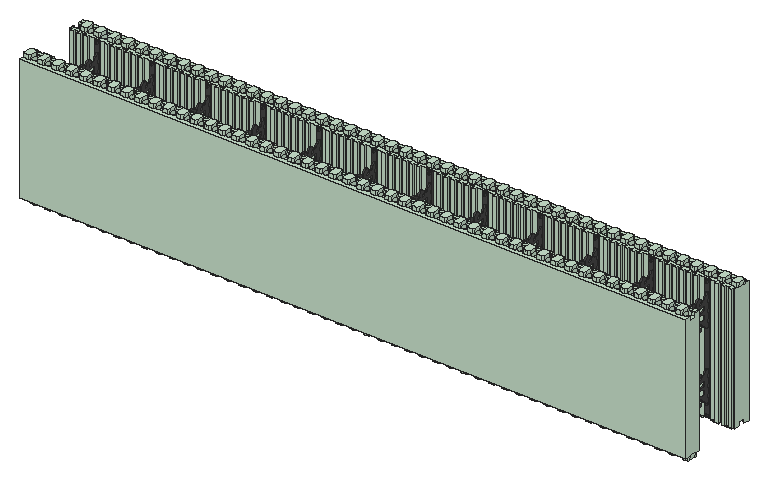
Revit family (continued)
Forms (mm)
  Extrusion 166, void
    sketch origin (1371.6, 0.196, 0) x (1, 0, 0) y (0, 1, 0)
      loop
        arc (48.685, 95.62) -> (48.795, 96.199) -> (49.108, 96.698) r 1.588
        arc (49.108, 96.698) -> (50.362, 98.696) -> (50.8, 101.014) r 6.35
        line (50.8, 101.014) -> (50.8, 124.411)
        arc (50.8, 124.411) -> (49.585, 128.147) -> (46.404, 130.453) r 6.35
        arc (46.404, 130.453) -> (38.1, 131.763) -> (29.796, 130.453) r 26.987
        arc (29.796, 130.453) -> (26.615, 128.147) -> (25.4, 124.411) r 6.35
    from 0 to 12.7
  Extrusion 167, void
    sketch origin (1320.8, 0.196, 0) x (1, 0, 0) y (0, 1, 0)
      loop
        line (25.4, 124.411) -> (25.4, 101.014)
        arc (25.4, 101.014) -> (26.615, 97.278) -> (29.796, 94.972) r 6.35
        arc (29.796, 94.972) -> (36.091, 93.737) -> (42.5, 94.024) r 26.988
        arc (42.5, 94.024) -> (43.786, 93.668) -> (44.346, 92.457) r 1.587
        line (44.346, 92.457) -> (44.346, 86.829) -> (48.685, 86.829) -> (48.685, 95.62)
        arc (48.685, 95.62) -> (48.795, 96.199) -> (49.108, 96.698) r 1.588
        arc (49.108, 96.698) -> (50.362, 98.696) -> (50.8, 101.014) r 6.35
        line (50.8, 101.014) -> (50.8, 124.411)
        arc (50.8, 124.411) -> (49.585, 128.147) -> (46.404, 130.453) r 6.35
        arc (46.404, 130.453) -> (38.1, 131.763) -> (29.796, 130.453) r 26.987
        arc (29.796, 130.453) -> (26.615, 128.147) -> (25.4, 124.411) r 6.35
    from 0 to 12.7
  Extrusion 168, void
    sketch origin (1270, 0.196, 0) x (1, 0, 0) y (0, 1, 0)
      loop
        line (25.4, 124.411) -> (25.4, 101.014)
        arc (25.4, 101.014) -> (26.615, 97.278) -> (29.796, 94.972) r 6.35
        arc (29.796, 94.972) -> (36.091, 93.737) -> (42.5, 94.024) r 26.988
        arc (42.5, 94.024) -> (43.786, 93.668) -> (44.346, 92.457) r 1.587
        line (44.346, 92.457) -> (44.346, 86.829) -> (48.685, 86.829) -> (48.685, 95.62)
        arc (48.685, 95.62) -> (48.795, 96.199) -> (49.108, 96.698) r 1.588
        arc (49.108, 96.698) -> (50.362, 98.696) -> (50.8, 101.014) r 6.35
        line (50.8, 101.014) -> (50.8, 124.411)
        arc (50.8, 124.411) -> (49.585, 128.147) -> (46.404, 130.453) r 6.35
        arc (46.404, 130.453) -> (38.1, 131.763) -> (29.796, 130.453) r 26.987
        arc (29.796, 130.453) -> (26.615, 128.147) -> (25.4, 124.411) r 6.35
    from 0 to 12.7
  Extrusion 169, void
    sketch origin (1219.2, 0.196, 0) x (1, 0, 0) y (0, 1, 0)
      loop
        line (25.4, 124.411) -> (25.4, 101.014)
        arc (25.4, 101.014) -> (26.615, 97.278) -> (29.796, 94.972) r 6.35
        arc (29.796, 94.972) -> (36.091, 93.737) -> (42.5, 94.024) r 26.988
        arc (42.5, 94.024) -> (43.786, 93.668) -> (44.346, 92.457) r 1.587
        line (44.346, 92.457) -> (44.346, 86.829) -> (48.685, 86.829) -> (48.685, 95.62)
        arc (48.685, 95.62) -> (48.795, 96.199) -> (49.108, 96.698) r 1.588
        arc (49.108, 96.698) -> (50.362, 98.696) -> (50.8, 101.014) r 6.35
        line (50.8, 101.014) -> (50.8, 124.411)
        arc (50.8, 124.411) -> (49.585, 128.147) -> (46.404, 130.453) r 6.35
        arc (46.404, 130.453) -> (38.1, 131.763) -> (29.796, 130.453) r 26.987
        arc (29.796, 130.453) -> (26.615, 128.147) -> (25.4, 124.411) r 6.35
    from 0 to 12.7
  Extrusion 170, void
    sketch origin (1168.4, 0.196, 0) x (1, 0, 0) y (0, 1, 0)
      loop
        line (25.4, 124.411) -> (25.4, 101.014)
        arc (25.4, 101.014) -> (26.615, 97.278) -> (29.796, 94.972) r 6.35
        arc (29.796, 94.972) -> (36.091, 93.737) -> (42.5, 94.024) r 26.988
        arc (42.5, 94.024) -> (43.786, 93.668) -> (44.346, 92.457) r 1.587
        line (44.346, 92.457) -> (44.346, 86.829) -> (48.685, 86.829) -> (48.685, 95.62)
        arc (48.685, 95.62) -> (48.795, 96.199) -> (49.108, 96.698) r 1.588
        arc (49.108, 96.698) -> (50.362, 98.696) -> (50.8, 101.014) r 6.35
        line (50.8, 101.014) -> (50.8, 124.411)
        arc (50.8, 124.411) -> (49.585, 128.147) -> (46.404, 130.453) r 6.35
        arc (46.404, 130.453) -> (38.1, 131.763) -> (29.796, 130.453) r 26.987
        arc (29.796, 130.453) -> (26.615, 128.147) -> (25.4, 124.411) r 6.35
    from 0 to 12.7
  Extrusion 171, void
    sketch origin (1117.6, 0.196, 0) x (1, 0, 0) y (0, 1, 0)
      loop
        line (25.4, 124.411) -> (25.4, 101.014)
        arc (25.4, 101.014) -> (26.615, 97.278) -> (29.796, 94.972) r 6.35
        arc (29.796, 94.972) -> (36.091, 93.737) -> (42.5, 94.024) r 26.988
        arc (42.5, 94.024) -> (43.786, 93.668) -> (44.346, 92.457) r 1.587
        line (44.346, 92.457) -> (44.346, 86.829) -> (48.685, 86.829) -> (48.685, 95.62)
        arc (48.685, 95.62) -> (48.795, 96.199) -> (49.108, 96.698) r 1.588
        arc (49.108, 96.698) -> (50.362, 98.696) -> (50.8, 101.014) r 6.35
        line (50.8, 101.014) -> (50.8, 124.411)
        arc (50.8, 124.411) -> (49.585, 128.147) -> (46.404, 130.453) r 6.35
        arc (46.404, 130.453) -> (38.1, 131.763) -> (29.796, 130.453) r 26.987
        arc (29.796, 130.453) -> (26.615, 128.147) -> (25.4, 124.411) r 6.35
    from 0 to 12.7
  Extrusion 172, void
    sketch origin (1066.8, 0.196, 0) x (1, 0, 0) y (0, 1, 0)
      loop
        line (25.4, 124.411) -> (25.4, 101.014)
        arc (25.4, 101.014) -> (26.615, 97.278) -> (29.796, 94.972) r 6.35
        arc (29.796, 94.972) -> (36.091, 93.737) -> (42.5, 94.024) r 26.988
        arc (42.5, 94.024) -> (43.786, 93.668) -> (44.346, 92.457) r 1.587
        line (44.346, 92.457) -> (44.346, 86.829) -> (48.685, 86.829) -> (48.685, 95.62)
        arc (48.685, 95.62) -> (48.795, 96.199) -> (49.108, 96.698) r 1.588
        arc (49.108, 96.698) -> (50.362, 98.696) -> (50.8, 101.014) r 6.35
        line (50.8, 101.014) -> (50.8, 124.411)
        arc (50.8, 124.411) -> (49.585, 128.147) -> (46.404, 130.453) r 6.35
        arc (46.404, 130.453) -> (38.1, 131.763) -> (29.796, 130.453) r 26.987
        arc (29.796, 130.453) -> (26.615, 128.147) -> (25.4, 124.411) r 6.35
    from 0 to 12.7
  Extrusion 173, void
    sketch origin (1016, 0.196, 0) x (1, 0, 0) y (0, 1, 0)
      loop
        line (25.4, 124.411) -> (25.4, 101.014)
        arc (25.4, 101.014) -> (26.615, 97.278) -> (29.796, 94.972) r 6.35
        arc (29.796, 94.972) -> (36.091, 93.737) -> (42.5, 94.024) r 26.988
        arc (42.5, 94.024) -> (43.786, 93.668) -> (44.346, 92.457) r 1.587
        line (44.346, 92.457) -> (44.346, 86.829) -> (48.685, 86.829) -> (48.685, 95.62)
        arc (48.685, 95.62) -> (48.795, 96.199) -> (49.108, 96.698) r 1.588
        arc (49.108, 96.698) -> (50.362, 98.696) -> (50.8, 101.014) r 6.35
        line (50.8, 101.014) -> (50.8, 124.411)
        arc (50.8, 124.411) -> (49.585, 128.147) -> (46.404, 130.453) r 6.35
        arc (46.404, 130.453) -> (38.1, 131.763) -> (29.796, 130.453) r 26.987
        arc (29.796, 130.453) -> (26.615, 128.147) -> (25.4, 124.411) r 6.35
    from 0 to 12.7
  Extrusion 174, void
    sketch origin (965.2, 0.196, 0) x (1, 0, 0) y (0, 1, 0)
      loop
        line (25.4, 124.411) -> (25.4, 101.014)
        arc (25.4, 101.014) -> (26.615, 97.278) -> (29.796, 94.972) r 6.35
        arc (29.796, 94.972) -> (36.091, 93.737) -> (42.5, 94.024) r 26.988
        arc (42.5, 94.024) -> (43.786, 93.668) -> (44.346, 92.457) r 1.587
        line (44.346, 92.457) -> (44.346, 86.829) -> (48.685, 86.829) -> (48.685, 95.62)
        arc (48.685, 95.62) -> (48.795, 96.199) -> (49.108, 96.698) r 1.588
        arc (49.108, 96.698) -> (50.362, 98.696) -> (50.8, 101.014) r 6.35
        line (50.8, 101.014) -> (50.8, 124.411)
        arc (50.8, 124.411) -> (49.585, 128.147) -> (46.404, 130.453) r 6.35
        arc (46.404, 130.453) -> (38.1, 131.763) -> (29.796, 130.453) r 26.987
        arc (29.796, 130.453) -> (26.615, 128.147) -> (25.4, 124.411) r 6.35
    from 0 to 12.7
  Extrusion 175, void
    sketch origin (914.4, 0.196, 0) x (1, 0, 0) y (0, 1, 0)
      loop
        line (25.4, 124.411) -> (25.4, 101.014)
        arc (25.4, 101.014) -> (26.615, 97.278) -> (29.796, 94.972) r 6.35
        arc (29.796, 94.972) -> (36.091, 93.737) -> (42.5, 94.024) r 26.988
        arc (42.5, 94.024) -> (43.786, 93.668) -> (44.346, 92.457) r 1.587
        line (44.346, 92.457) -> (44.346, 86.829) -> (48.685, 86.829) -> (48.685, 95.62)
        arc (48.685, 95.62) -> (48.795, 96.199) -> (49.108, 96.698) r 1.588
        arc (49.108, 96.698) -> (50.362, 98.696) -> (50.8, 101.014) r 6.35
        line (50.8, 101.014) -> (50.8, 124.411)
        arc (50.8, 124.411) -> (49.585, 128.147) -> (46.404, 130.453) r 6.35
        arc (46.404, 130.453) -> (38.1, 131.763) -> (29.796, 130.453) r 26.987
        arc (29.796, 130.453) -> (26.615, 128.147) -> (25.4, 124.411) r 6.35
    from 0 to 12.7
  Extrusion 176, void
    sketch origin (863.6, 0.196, 0) x (1, 0, 0) y (0, 1, 0)
      loop
        line (25.4, 124.411) -> (25.4, 101.014)
        arc (25.4, 101.014) -> (26.615, 97.278) -> (29.796, 94.972) r 6.35
        arc (29.796, 94.972) -> (36.091, 93.737) -> (42.5, 94.024) r 26.988
        arc (42.5, 94.024) -> (43.786, 93.668) -> (44.346, 92.457) r 1.587
        line (44.346, 92.457) -> (44.346, 86.829) -> (48.685, 86.829) -> (48.685, 95.62)
        arc (48.685, 95.62) -> (48.795, 96.199) -> (49.108, 96.698) r 1.588
        arc (49.108, 96.698) -> (50.362, 98.696) -> (50.8, 101.014) r 6.35
        line (50.8, 101.014) -> (50.8, 124.411)
        arc (50.8, 124.411) -> (49.585, 128.147) -> (46.404, 130.453) r 6.35
        arc (46.404, 130.453) -> (38.1, 131.763) -> (29.796, 130.453) r 26.987
        arc (29.796, 130.453) -> (26.615, 128.147) -> (25.4, 124.411) r 6.35
    from 0 to 12.7
  Extrusion 177, void
    sketch origin (812.8, 0.196, 0) x (1, 0, 0) y (0, 1, 0)
      loop
        line (25.4, 124.411) -> (25.4, 101.014)
        arc (25.4, 101.014) -> (26.615, 97.278) -> (29.796, 94.972) r 6.35
        arc (29.796, 94.972) -> (36.091, 93.737) -> (42.5, 94.024) r 26.988
        arc (42.5, 94.024) -> (43.786, 93.668) -> (44.346, 92.457) r 1.587
        line (44.346, 92.457) -> (44.346, 86.829) -> (48.685, 86.829) -> (48.685, 95.62)
        arc (48.685, 95.62) -> (48.795, 96.199) -> (49.108, 96.698) r 1.588
        arc (49.108, 96.698) -> (50.362, 98.696) -> (50.8, 101.014) r 6.35
        line (50.8, 101.014) -> (50.8, 124.411)
        arc (50.8, 124.411) -> (49.585, 128.147) -> (46.404, 130.453) r 6.35
        arc (46.404, 130.453) -> (38.1, 131.763) -> (29.796, 130.453) r 26.987
        arc (29.796, 130.453) -> (26.615, 128.147) -> (25.4, 124.411) r 6.35
    from 0 to 12.7
  Extrusion 178, void
    sketch origin (762, 0.196, 0) x (1, 0, 0) y (0, 1, 0)
      loop
        line (25.4, 124.411) -> (25.4, 101.014)
        arc (25.4, 101.014) -> (26.615, 97.278) -> (29.796, 94.972) r 6.35
        arc (29.796, 94.972) -> (36.091, 93.737) -> (42.5, 94.024) r 26.988
        arc (42.5, 94.024) -> (43.786, 93.668) -> (44.346, 92.457) r 1.587
        line (44.346, 92.457) -> (44.346, 86.829) -> (48.685, 86.829) -> (48.685, 95.62)
        arc (48.685, 95.62) -> (48.795, 96.199) -> (49.108, 96.698) r 1.588
        arc (49.108, 96.698) -> (50.362, 98.696) -> (50.8, 101.014) r 6.35
        line (50.8, 101.014) -> (50.8, 124.411)
        arc (50.8, 124.411) -> (49.585, 128.147) -> (46.404, 130.453) r 6.35
        arc (46.404, 130.453) -> (38.1, 131.763) -> (29.796, 130.453) r 26.987
        arc (29.796, 130.453) -> (26.615, 128.147) -> (25.4, 124.411) r 6.35
    from 0 to 12.7
  Extrusion 179, void
    sketch origin (711.2, 0.196, 0) x (1, 0, 0) y (0, 1, 0)
      loop
        line (25.4, 124.411) -> (25.4, 101.014)
        arc (25.4, 101.014) -> (26.615, 97.278) -> (29.796, 94.972) r 6.35
        arc (29.796, 94.972) -> (36.091, 93.737) -> (42.5, 94.024) r 26.988
        arc (42.5, 94.024) -> (43.786, 93.668) -> (44.346, 92.457) r 1.587
        line (44.346, 92.457) -> (44.346, 86.829) -> (48.685, 86.829) -> (48.685, 95.62)
        arc (48.685, 95.62) -> (48.795, 96.199) -> (49.108, 96.698) r 1.588
        arc (49.108, 96.698) -> (50.362, 98.696) -> (50.8, 101.014) r 6.35
        line (50.8, 101.014) -> (50.8, 124.411)
        arc (50.8, 124.411) -> (49.585, 128.147) -> (46.404, 130.453) r 6.35
        arc (46.404, 130.453) -> (38.1, 131.763) -> (29.796, 130.453) r 26.987
        arc (29.796, 130.453) -> (26.615, 128.147) -> (25.4, 124.411) r 6.35
    from 0 to 12.7
  Extrusion 180, void
    sketch origin (660.4, 0.196, 0) x (1, 0, 0) y (0, 1, 0)
      loop
        line (25.4, 124.411) -> (25.4, 101.014)
        arc (25.4, 101.014) -> (26.615, 97.278) -> (29.796, 94.972) r 6.35
        arc (29.796, 94.972) -> (36.091, 93.737) -> (42.5, 94.024) r 26.988
        arc (42.5, 94.024) -> (43.786, 93.668) -> (44.346, 92.457) r 1.587
        line (44.346, 92.457) -> (44.346, 86.829) -> (48.685, 86.829) -> (48.685, 95.62)
        arc (48.685, 95.62) -> (48.795, 96.199) -> (49.108, 96.698) r 1.588
        arc (49.108, 96.698) -> (50.362, 98.696) -> (50.8, 101.014) r 6.35
        line (50.8, 101.014) -> (50.8, 124.411)
        arc (50.8, 124.411) -> (49.585, 128.147) -> (46.404, 130.453) r 6.35
        arc (46.404, 130.453) -> (38.1, 131.763) -> (29.796, 130.453) r 26.987
        arc (29.796, 130.453) -> (26.615, 128.147) -> (25.4, 124.411) r 6.35
    from 0 to 12.7
  Extrusion 181, void
    sketch origin (609.6, 0.196, 0) x (1, 0, 0) y (0, 1, 0)
      loop
        line (25.4, 124.411) -> (25.4, 101.014)
        arc (25.4, 101.014) -> (26.615, 97.278) -> (29.796, 94.972) r 6.35
        arc (29.796, 94.972) -> (36.091, 93.737) -> (42.5, 94.024) r 26.988
        arc (42.5, 94.024) -> (43.786, 93.668) -> (44.346, 92.457) r 1.587
        line (44.346, 92.457) -> (44.346, 86.829) -> (48.685, 86.829) -> (48.685, 95.62)
        arc (48.685, 95.62) -> (48.795, 96.199) -> (49.108, 96.698) r 1.588
        arc (49.108, 96.698) -> (50.362, 98.696) -> (50.8, 101.014) r 6.35
        line (50.8, 101.014) -> (50.8, 124.411)
        arc (50.8, 124.411) -> (49.585, 128.147) -> (46.404, 130.453) r 6.35
        arc (46.404, 130.453) -> (38.1, 131.763) -> (29.796, 130.453) r 26.987
        arc (29.796, 130.453) -> (26.615, 128.147) -> (25.4, 124.411) r 6.35
    from 0 to 12.7
  Extrusion 182, void
    sketch origin (558.8, 0.196, 0) x (1, 0, 0) y (0, 1, 0)
      loop
        line (25.4, 124.411) -> (25.4, 101.014)
        arc (25.4, 101.014) -> (26.615, 97.278) -> (29.796, 94.972) r 6.35
        arc (29.796, 94.972) -> (36.091, 93.737) -> (42.5, 94.024) r 26.988
        arc (42.5, 94.024) -> (43.786, 93.668) -> (44.346, 92.457) r 1.587
        line (44.346, 92.457) -> (44.346, 86.829) -> (48.685, 86.829) -> (48.685, 95.62)
        arc (48.685, 95.62) -> (48.795, 96.199) -> (49.108, 96.698) r 1.588
        arc (49.108, 96.698) -> (50.362, 98.696) -> (50.8, 101.014) r 6.35
        line (50.8, 101.014) -> (50.8, 124.411)
        arc (50.8, 124.411) -> (49.585, 128.147) -> (46.404, 130.453) r 6.35
        arc (46.404, 130.453) -> (38.1, 131.763) -> (29.796, 130.453) r 26.987
        arc (29.796, 130.453) -> (26.615, 128.147) -> (25.4, 124.411) r 6.35
    from 0 to 12.7
  Extrusion 183, void
    sketch origin (508, 0.196, 0) x (1, 0, 0) y (0, 1, 0)
      loop
        line (25.4, 124.411) -> (25.4, 101.014)
        arc (25.4, 101.014) -> (26.615, 97.278) -> (29.796, 94.972) r 6.35
        arc (29.796, 94.972) -> (36.091, 93.737) -> (42.5, 94.024) r 26.988
        arc (42.5, 94.024) -> (43.786, 93.668) -> (44.346, 92.457) r 1.587
        line (44.346, 92.457) -> (44.346, 86.829) -> (48.685, 86.829) -> (48.685, 95.62)
        arc (48.685, 95.62) -> (48.795, 96.199) -> (49.108, 96.698) r 1.588
        arc (49.108, 96.698) -> (50.362, 98.696) -> (50.8, 101.014) r 6.35
        line (50.8, 101.014) -> (50.8, 124.411)
        arc (50.8, 124.411) -> (49.585, 128.147) -> (46.404, 130.453) r 6.35
        arc (46.404, 130.453) -> (38.1, 131.763) -> (29.796, 130.453) r 26.987
        arc (29.796, 130.453) -> (26.615, 128.147) -> (25.4, 124.411) r 6.35
    from 0 to 12.7
  Extrusion 184, void
    sketch origin (457.2, 0.196, 0) x (1, 0, 0) y (0, 1, 0)
      loop
        line (25.4, 124.411) -> (25.4, 101.014)
        arc (25.4, 101.014) -> (26.615, 97.278) -> (29.796, 94.972) r 6.35
        arc (29.796, 94.972) -> (36.091, 93.737) -> (42.5, 94.024) r 26.988
        arc (42.5, 94.024) -> (43.786, 93.668) -> (44.346, 92.457) r 1.587
        line (44.346, 92.457) -> (44.346, 86.829) -> (48.685, 86.829) -> (48.685, 95.62)
        arc (48.685, 95.62) -> (48.795, 96.199) -> (49.108, 96.698) r 1.588
        arc (49.108, 96.698) -> (50.362, 98.696) -> (50.8, 101.014) r 6.35
        line (50.8, 101.014) -> (50.8, 124.411)
        arc (50.8, 124.411) -> (49.585, 128.147) -> (46.404, 130.453) r 6.35
        arc (46.404, 130.453) -> (38.1, 131.763) -> (29.796, 130.453) r 26.987
        arc (29.796, 130.453) -> (26.615, 128.147) -> (25.4, 124.411) r 6.35
    from 0 to 12.7
  Extrusion 185, void
    sketch origin (406.4, 0.196, 0) x (1, 0, 0) y (0, 1, 0)
      loop
        line (25.4, 124.411) -> (25.4, 101.014)
        arc (25.4, 101.014) -> (26.615, 97.278) -> (29.796, 94.972) r 6.35
        arc (29.796, 94.972) -> (36.091, 93.737) -> (42.5, 94.024) r 26.988
        arc (42.5, 94.024) -> (43.786, 93.668) -> (44.346, 92.457) r 1.587
        line (44.346, 92.457) -> (44.346, 86.829) -> (48.685, 86.829) -> (48.685, 95.62)
        arc (48.685, 95.62) -> (48.795, 96.199) -> (49.108, 96.698) r 1.588
        arc (49.108, 96.698) -> (50.362, 98.696) -> (50.8, 101.014) r 6.35
        line (50.8, 101.014) -> (50.8, 124.411)
        arc (50.8, 124.411) -> (49.585, 128.147) -> (46.404, 130.453) r 6.35
        arc (46.404, 130.453) -> (38.1, 131.763) -> (29.796, 130.453) r 26.987
        arc (29.796, 130.453) -> (26.615, 128.147) -> (25.4, 124.411) r 6.35
    from 0 to 12.7
  Extrusion 186, void
    sketch origin (355.6, 0.196, 0) x (1, 0, 0) y (0, 1, 0)
      loop
        line (25.4, 124.411) -> (25.4, 101.014)
        arc (25.4, 101.014) -> (26.615, 97.278) -> (29.796, 94.972) r 6.35
        arc (29.796, 94.972) -> (36.091, 93.737) -> (42.5, 94.024) r 26.988
        arc (42.5, 94.024) -> (43.786, 93.668) -> (44.346, 92.457) r 1.587
        line (44.346, 92.457) -> (44.346, 86.829) -> (48.685, 86.829) -> (48.685, 95.62)
        arc (48.685, 95.62) -> (48.795, 96.199) -> (49.108, 96.698) r 1.588
        arc (49.108, 96.698) -> (50.362, 98.696) -> (50.8, 101.014) r 6.35
        line (50.8, 101.014) -> (50.8, 124.411)
        arc (50.8, 124.411) -> (49.585, 128.147) -> (46.404, 130.453) r 6.35
        arc (46.404, 130.453) -> (38.1, 131.763) -> (29.796, 130.453) r 26.987
        arc (29.796, 130.453) -> (26.615, 128.147) -> (25.4, 124.411) r 6.35
    from 0 to 12.7
  Extrusion 187, void
    sketch origin (304.8, 0.196, 0) x (1, 0, 0) y (0, 1, 0)
      loop
        line (25.4, 124.411) -> (25.4, 101.014)
        arc (25.4, 101.014) -> (26.615, 97.278) -> (29.796, 94.972) r 6.35
        arc (29.796, 94.972) -> (36.091, 93.737) -> (42.5, 94.024) r 26.988
        arc (42.5, 94.024) -> (43.786, 93.668) -> (44.346, 92.457) r 1.587
        line (44.346, 92.457) -> (44.346, 86.829) -> (48.685, 86.829) -> (48.685, 95.62)
        arc (48.685, 95.62) -> (48.795, 96.199) -> (49.108, 96.698) r 1.588
        arc (49.108, 96.698) -> (50.362, 98.696) -> (50.8, 101.014) r 6.35
        line (50.8, 101.014) -> (50.8, 124.411)
        arc (50.8, 124.411) -> (49.585, 128.147) -> (46.404, 130.453) r 6.35
        arc (46.404, 130.453) -> (38.1, 131.763) -> (29.796, 130.453) r 26.987
        arc (29.796, 130.453) -> (26.615, 128.147) -> (25.4, 124.411) r 6.35
    from 0 to 12.7
  Extrusion 188, void
    sketch origin (254, 0.196, 0) x (1, 0, 0) y (0, 1, 0)
      loop
        line (25.4, 124.411) -> (25.4, 101.014)
        arc (25.4, 101.014) -> (26.615, 97.278) -> (29.796, 94.972) r 6.35
        arc (29.796, 94.972) -> (36.091, 93.737) -> (42.5, 94.024) r 26.988
        arc (42.5, 94.024) -> (43.786, 93.668) -> (44.346, 92.457) r 1.587
        line (44.346, 92.457) -> (44.346, 86.829) -> (48.685, 86.829) -> (48.685, 95.62)
        arc (48.685, 95.62) -> (48.795, 96.199) -> (49.108, 96.698) r 1.588
        arc (49.108, 96.698) -> (50.362, 98.696) -> (50.8, 101.014) r 6.35
        line (50.8, 101.014) -> (50.8, 124.411)
        arc (50.8, 124.411) -> (49.585, 128.147) -> (46.404, 130.453) r 6.35
        arc (46.404, 130.453) -> (38.1, 131.763) -> (29.796, 130.453) r 26.987
        arc (29.796, 130.453) -> (26.615, 128.147) -> (25.4, 124.411) r 6.35
    from 0 to 12.7
  Extrusion 189, void
    sketch origin (203.2, 0.196, 0) x (1, 0, 0) y (0, 1, 0)
      loop
        line (25.4, 124.411) -> (25.4, 101.014)
        arc (25.4, 101.014) -> (26.615, 97.278) -> (29.796, 94.972) r 6.35
        arc (29.796, 94.972) -> (36.091, 93.737) -> (42.5, 94.024) r 26.988
        arc (42.5, 94.024) -> (43.786, 93.668) -> (44.346, 92.457) r 1.587
        line (44.346, 92.457) -> (44.346, 86.829) -> (48.685, 86.829) -> (48.685, 95.62)
        arc (48.685, 95.62) -> (48.795, 96.199) -> (49.108, 96.698) r 1.588
        arc (49.108, 96.698) -> (50.362, 98.696) -> (50.8, 101.014) r 6.35
        line (50.8, 101.014) -> (50.8, 124.411)
        arc (50.8, 124.411) -> (49.585, 128.147) -> (46.404, 130.453) r 6.35
        arc (46.404, 130.453) -> (38.1, 131.763) -> (29.796, 130.453) r 26.987
        arc (29.796, 130.453) -> (26.615, 128.147) -> (25.4, 124.411) r 6.35
    from 0 to 12.7
  Extrusion 190, void
    sketch origin (152.4, 0.196, 0) x (1, 0, 0) y (0, 1, 0)
      loop
        line (25.4, 124.411) -> (25.4, 101.014)
        arc (25.4, 101.014) -> (26.615, 97.278) -> (29.796, 94.972) r 6.35
        arc (29.796, 94.972) -> (36.091, 93.737) -> (42.5, 94.024) r 26.988
        arc (42.5, 94.024) -> (43.786, 93.668) -> (44.346, 92.457) r 1.587
        line (44.346, 92.457) -> (44.346, 86.829) -> (48.685, 86.829) -> (48.685, 95.62)
        arc (48.685, 95.62) -> (48.795, 96.199) -> (49.108, 96.698) r 1.588
        arc (49.108, 96.698) -> (50.362, 98.696) -> (50.8, 101.014) r 6.35
        line (50.8, 101.014) -> (50.8, 124.411)
        arc (50.8, 124.411) -> (49.585, 128.147) -> (46.404, 130.453) r 6.35
        arc (46.404, 130.453) -> (38.1, 131.763) -> (29.796, 130.453) r 26.987
        arc (29.796, 130.453) -> (26.615, 128.147) -> (25.4, 124.411) r 6.35
    from 0 to 12.7
  Extrusion 191, void
    sketch origin (101.6, 0.196, 0) x (1, 0, 0) y (0, 1, 0)
      loop
        line (25.4, 124.411) -> (25.4, 101.014)
        arc (25.4, 101.014) -> (26.615, 97.278) -> (29.796, 94.972) r 6.35
        arc (29.796, 94.972) -> (36.091, 93.737) -> (42.5, 94.024) r 26.988
        arc (42.5, 94.024) -> (43.786, 93.668) -> (44.346, 92.457) r 1.587
        line (44.346, 92.457) -> (44.346, 86.829) -> (48.685, 86.829) -> (48.685, 95.62)
        arc (48.685, 95.62) -> (48.795, 96.199) -> (49.108, 96.698) r 1.588
        arc (49.108, 96.698) -> (50.362, 98.696) -> (50.8, 101.014) r 6.35
        line (50.8, 101.014) -> (50.8, 124.411)
        arc (50.8, 124.411) -> (49.585, 128.147) -> (46.404, 130.453) r 6.35
        arc (46.404, 130.453) -> (38.1, 131.763) -> (29.796, 130.453) r 26.987
        arc (29.796, 130.453) -> (26.615, 128.147) -> (25.4, 124.411) r 6.35
    from 0 to 12.7
  Extrusion 192, void
    sketch origin (50.8, 0.196, 0) x (1, 0, 0) y (0, 1, 0)
      loop
        line (25.4, 124.411) -> (25.4, 101.014)
        arc (25.4, 101.014) -> (26.615, 97.278) -> (29.796, 94.972) r 6.35
        arc (29.796, 94.972) -> (36.091, 93.737) -> (42.5, 94.024) r 26.988
        arc (42.5, 94.024) -> (43.786, 93.668) -> (44.346, 92.457) r 1.587
        line (44.346, 92.457) -> (44.346, 86.829) -> (48.685, 86.829) -> (48.685, 95.62)
        arc (48.685, 95.62) -> (48.795, 96.199) -> (49.108, 96.698) r 1.588
        arc (49.108, 96.698) -> (50.362, 98.696) -> (50.8, 101.014) r 6.35
        line (50.8, 101.014) -> (50.8, 124.411)
        arc (50.8, 124.411) -> (49.585, 128.147) -> (46.404, 130.453) r 6.35
        arc (46.404, 130.453) -> (38.1, 131.763) -> (29.796, 130.453) r 26.987
        arc (29.796, 130.453) -> (26.615, 128.147) -> (25.4, 124.411) r 6.35
    from 0 to 12.7
  Extrusion 193, void
    sketch origin (0, 0.196, 0) x (1, 0, 0) y (0, 1, 0)
      loop
        line (25.4, 124.411) -> (25.4, 101.014)
        arc (25.4, 101.014) -> (26.615, 97.278) -> (29.796, 94.972) r 6.35
        arc (29.796, 94.972) -> (36.091, 93.737) -> (42.5, 94.024) r 26.988
        arc (42.5, 94.024) -> (43.786, 93.668) -> (44.346, 92.457) r 1.587
        line (44.346, 92.457) -> (44.346, 86.829) -> (48.685, 86.829) -> (48.685, 95.62)
        arc (48.685, 95.62) -> (48.795, 96.199) -> (49.108, 96.698) r 1.588
        arc (49.108, 96.698) -> (50.362, 98.696) -> (50.8, 101.014) r 6.35
        line (50.8, 101.014) -> (50.8, 124.411)
        arc (50.8, 124.411) -> (49.585, 128.147) -> (46.404, 130.453) r 6.35
        arc (46.404, 130.453) -> (38.1, 131.763) -> (29.796, 130.453) r 26.987
        arc (29.796, 130.453) -> (26.615, 128.147) -> (25.4, 124.411) r 6.35
    from 0 to 12.7
Cuts and joins
  Extrusion 2, Extrusion 3, Extrusion 4, Extrusion 5, Extrusion 6, Extrusion 7, Extrusion 8, Extrusion 9, Extrusion 10, Extrusion 11, Extrusion 12, Extrusion 13, Extrusion 14, Extrusion 15, Extrusion 16, Extrusion 17, Extrusion 18, Extrusion 19, Extrusion 20, Extrusion 21, Extrusion 22, Extrusion 23, Extrusion 24, Extrusion 25, Extrusion 26, Extrusion 27, Extrusion 28, Extrusion 29, Extrusion 30, Extrusion 31, Extrusion 32, Extrusion 33, Extrusion 34, Extrusion 35, Extrusion 36, Extrusion 37, Extrusion 38, Extrusion 39, Extrusion 40, Extrusion 41, Extrusion 42, Extrusion 43, Extrusion 44, Extrusion 45, Extrusion 46, Extrusion 47, Extrusion 48, Extrusion 49, Extrusion 50, Extrusion 51, Extrusion 52, Extrusion 53, Extrusion 54, Extrusion 55, Extrusion 56, Extrusion 57, Extrusion 58, Extrusion 59, Extrusion 60, Extrusion 61, Extrusion 62, Extrusion 63, Extrusion 64, Extrusion 65, Extrusion 66, Extrusion 67, Extrusion 68, Extrusion 69, Extrusion 70, Extrusion 71, Extrusion 72, Extrusion 73, Extrusion 74, Extrusion 75, Extrusion 76, Extrusion 77, Extrusion 78, Extrusion 79, Extrusion 80, Extrusion 81, Extrusion 82, Extrusion 83, Extrusion 84, Extrusion 85, Extrusion 86, Extrusion 87, Extrusion 88, Extrusion 89, Extrusion 90, Extrusion 91, Extrusion 92, Extrusion 93, Extrusion 94, Extrusion 95, Extrusion 96, Extrusion 97, Extrusion 98, Extrusion 99, Extrusion 100, Extrusion 101, Extrusion 102, Extrusion 103, Extrusion 104, Extrusion 105, Extrusion 106, Extrusion 107, Extrusion 108, Extrusion 109, Extrusion 110, Extrusion 111, Extrusion 112, Extrusion 113, Extrusion 114, Extrusion 115, Extrusion 116, Extrusion 117, Extrusion 118, Extrusion 119, Extrusion 120, Extrusion 121, Extrusion 122, Extrusion 123, Extrusion 124, Extrusion 125, Extrusion 126, Extrusion 127, Extrusion 128, Extrusion 129, Extrusion 130, Extrusion 131, Extrusion 132, Extrusion 133, Extrusion 134, Extrusion 135, Extrusion 136, Extrusion 137, Extrusion 138, Extrusion 139, Extrusion 140, Extrusion 141, Extrusion 142, Extrusion 143, Extrusion 144, Extrusion 145, Extrusion 146, Extrusion 147, Extrusion 148, Extrusion 149, Extrusion 150, Extrusion 151, Extrusion 152, Extrusion 153, Extrusion 154, Extrusion 155, Extrusion 156, Extrusion 157, Extrusion 158, Extrusion 159, Extrusion 160, Extrusion 161, Extrusion 162, Extrusion 163, Extrusion 164, Extrusion 165, Extrusion 166, Extrusion 167, Extrusion 168, Extrusion 169, Extrusion 170, Extrusion 171, Extrusion 172, Extrusion 173, Extrusion 174, Extrusion 175, Extrusion 176, Extrusion 177, Extrusion 178, Extrusion 179, Extrusion 180, Extrusion 181, Extrusion 182, Extrusion 183, Extrusion 184, Extrusion 185, Extrusion 186, Extrusion 187, Extrusion 188, Extrusion 189, Extrusion 190, Extrusion 191, Extrusion 192, Extrusion 193 cuts Extrusion 1
Lines and regions (mm)
  model lines
    curve 1: line (203.2, -142.679, 457.2) -> (203.2, -142.679, 0)
    curve 2: line (2235.2, 143.071, 457.2) -> (2235.2, 143.071, 0)
    curve 3: line (1625.6, 143.071, 457.2) -> (1625.6, 143.071, 0)
    curve 4: line (1016, 143.071, 457.2) -> (1016, 143.071, 0)
    curve 5: line (406.4, 143.071, 457.2) -> (406.4, 143.071, 0)
Dimensions and locks
  aligned and locked: level to plane 2
  aligned and locked: level to Extrusion 1
Nested families
  nested 1: "NUDURA Diamond Pattern" at (0, 0.196, 0), type "NUDURA Diamond Pattern"
  nested 2: "NUDURA Diamond Pattern" at (406.4, 0.196, 0), type "NUDURA Diamond Pattern"
  nested 3: "NUDURA Diamond Pattern" at (609.6, 0.196, 0), type "NUDURA Diamond Pattern"
  nested 4: "NUDURA Diamond Pattern" at (1016, 0.196, 0), type "NUDURA Diamond Pattern"
  nested 5: "NUDURA Diamond Pattern" at (1219.2, 0.196, 0), type "NUDURA Diamond Pattern"
  nested 6: "NUDURA Diamond Pattern" at (1625.6, 0.196, 0), type "NUDURA Diamond Pattern"
  nested 7: "NUDURA Diamond Pattern" at (1828.8, 0.196, 0), type "NUDURA Diamond Pattern"
  nested 8: "NUDURA Diamond Pattern" at (2235.2, 0.196, 0), type "NUDURA Diamond Pattern"
  nested 9: "NUDURA Diamond Pattern" at (0, 0.196, 0), type "NUDURA Diamond Pattern"
  nested 10: "NUDURA Diamond Pattern" at (406.4, 0.196, 0), type "NUDURA Diamond Pattern"
  nested 11: "NUDURA Diamond Pattern" at (609.6, 0.196, 0), type "NUDURA Diamond Pattern"
  nested 12: "NUDURA Diamond Pattern" at (1016, 0.196, 0), type "NUDURA Diamond Pattern"
  nested 13: "NUDURA Diamond Pattern" at (1219.2, 0.196, 0), type "NUDURA Diamond Pattern"
  nested 14: "NUDURA Diamond Pattern" at (1625.6, 0.196, 0), type "NUDURA Diamond Pattern"
  nested 15: "NUDURA Diamond Pattern" at (1828.8, 0.196, 0), type "NUDURA Diamond Pattern"
  nested 16: "NUDURA Diamond Pattern" at (2235.2, 0.196, 0), type "NUDURA Diamond Pattern"
  nested 17: "Interlock Tooth" at (0, 0.196, 0), type "Interlock Tooth"
  nested 18: "Interlock Tooth" at (50.8, 0.196, 0), type "Interlock Tooth"
  nested 19: "Interlock Tooth" at (101.6, 0.196, 0), type "Interlock Tooth"
  nested 20: "Interlock Tooth" at (152.4, 0.196, 0), type "Interlock Tooth"
  nested 21: "Interlock Tooth" at (203.2, 0.196, 0), type "Interlock Tooth"
  nested 22: "Interlock Tooth" at (254, 0.196, 0), type "Interlock Tooth"
  nested 23: "Interlock Tooth" at (304.8, 0.196, 0), type "Interlock Tooth"
  nested 24: "Interlock Tooth" at (355.6, 0.196, 0), type "Interlock Tooth"
  nested 25: "Interlock Tooth" at (406.4, 0.196, 0), type "Interlock Tooth"
  nested 26: "Interlock Tooth" at (457.2, 0.196, 0), type "Interlock Tooth"
  nested 27: "Interlock Tooth" at (508, 0.196, 0), type "Interlock Tooth"
  nested 28: "Interlock Tooth" at (558.8, 0.196, 0), type "Interlock Tooth"
  nested 29: "Interlock Tooth" at (609.6, 0.196, 0), type "Interlock Tooth"
  nested 30: "Interlock Tooth" at (660.4, 0.196, 0), type "Interlock Tooth"
  nested 31: "Interlock Tooth" at (711.2, 0.196, 0), type "Interlock Tooth"
  nested 32: "Interlock Tooth" at (762, 0.196, 0), type "Interlock Tooth"
  nested 33: "Interlock Tooth" at (812.8, 0.196, 0), type "Interlock Tooth"
  nested 34: "Interlock Tooth" at (863.6, 0.196, 0), type "Interlock Tooth"
  nested 35: "Interlock Tooth" at (914.4, 0.196, 0), type "Interlock Tooth"
  nested 36: "Interlock Tooth" at (965.2, 0.196, 0), type "Interlock Tooth"
  nested 37: "Interlock Tooth" at (1016, 0.196, 0), type "Interlock Tooth"
  nested 38: "Interlock Tooth" at (1066.8, 0.196, 0), type "Interlock Tooth"
  nested 39: "Interlock Tooth" at (1117.6, 0.196, 0), type "Interlock Tooth"
  nested 40: "Interlock Tooth" at (1168.4, 0.196, 0), type "Interlock Tooth"
  nested 41: "Interlock Tooth" at (1219.2, 0.196, 0), type "Interlock Tooth"
  nested 42: "Interlock Tooth" at (1270, 0.196, 0), type "Interlock Tooth"
  nested 43: "Interlock Tooth" at (1320.8, 0.196, 0), type "Interlock Tooth"
  nested 44: "Interlock Tooth" at (1371.6, 0.196, 0), type "Interlock Tooth"
  nested 45: "Interlock Tooth" at (1422.4, 0.196, 0), type "Interlock Tooth"
  nested 46: "Interlock Tooth" at (1473.2, 0.196, 0), type "Interlock Tooth"
  nested 47: "Interlock Tooth" at (1524, 0.196, 0), type "Interlock Tooth"
  nested 48: "Interlock Tooth" at (1574.8, 0.196, 0), type "Interlock Tooth"
  nested 49: "Interlock Tooth" at (1625.6, 0.196, 0), type "Interlock Tooth"
  nested 50: "Interlock Tooth" at (1676.4, 0.196, 0), type "Interlock Tooth"
  nested 51: "Interlock Tooth" at (1727.2, 0.196, 0), type "Interlock Tooth"
  nested 52: "Interlock Tooth" at (1778, 0.196, 0), type "Interlock Tooth"
  nested 53: "Interlock Tooth" at (1828.8, 0.196, 0), type "Interlock Tooth"
  nested 54: "Interlock Tooth" at (1879.6, 0.196, 0), type "Interlock Tooth"
  nested 55: "Interlock Tooth" at (1930.4, 0.196, 0), type "Interlock Tooth"
  nested 56: "Interlock Tooth" at (1981.2, 0.196, 0), type "Interlock Tooth"
  nested 57: "Interlock Tooth" at (2032, 0.196, 0), type "Interlock Tooth"
  nested 58: "Interlock Tooth" at (2082.8, 0.196, 0), type "Interlock Tooth"
  nested 59: "Interlock Tooth" at (2133.6, 0.196, 0), type "Interlock Tooth"
  nested 60: "Interlock Tooth" at (2184.4, 0.196, 0), type "Interlock Tooth"
  nested 61: "Interlock Tooth" at (2235.2, 0.196, 0), type "Interlock Tooth"
  nested 62: "Interlock Tooth" at (2286, 0.196, 0), type "Interlock Tooth"
  nested 63: "Interlock Tooth" at (2336.8, 0.196, 0), type "Interlock Tooth"
  nested 64: "Interlock Tooth" at (2387.6, 0.196, 0), type "Interlock Tooth"
  nested 65: "Interlock Tooth" at (25.4, 225.621, 0), type "Interlock Tooth"
  nested 66: "Interlock Tooth" at (76.2, 225.621, 0), type "Interlock Tooth"
  nested 67: "Interlock Tooth" at (127, 225.621, 0), type "Interlock Tooth"
  nested 68: "Interlock Tooth" at (177.8, 225.621, 0), type "Interlock Tooth"
  nested 69: "Interlock Tooth" at (228.6, 225.621, 0), type "Interlock Tooth"
  nested 70: "Interlock Tooth" at (279.4, 225.621, 0), type "Interlock Tooth"
  nested 71: "Interlock Tooth" at (330.2, 225.621, 0), type "Interlock Tooth"
  nested 72: "Interlock Tooth" at (381, 225.621, 0), type "Interlock Tooth"
  nested 73: "Interlock Tooth" at (431.8, 225.621, 0), type "Interlock Tooth"
  nested 74: "Interlock Tooth" at (482.6, 225.621, 0), type "Interlock Tooth"
  nested 75: "Interlock Tooth" at (533.4, 225.621, 0), type "Interlock Tooth"
  nested 76: "Interlock Tooth" at (584.2, 225.621, 0), type "Interlock Tooth"
  nested 77: "Interlock Tooth" at (635, 225.621, 0), type "Interlock Tooth"
  nested 78: "Interlock Tooth" at (685.8, 225.621, 0), type "Interlock Tooth"
  nested 79: "Interlock Tooth" at (736.6, 225.621, 0), type "Interlock Tooth"
  nested 80: "Interlock Tooth" at (787.4, 225.621, 0), type "Interlock Tooth"
  nested 81: "Interlock Tooth" at (838.2, 225.621, 0), type "Interlock Tooth"
  nested 82: "Interlock Tooth" at (889, 225.621, 0), type "Interlock Tooth"
  nested 83: "Interlock Tooth" at (939.8, 225.621, 0), type "Interlock Tooth"
  nested 84: "Interlock Tooth" at (990.6, 225.621, 0), type "Interlock Tooth"
  nested 85: "Interlock Tooth" at (1041.4, 225.621, 0), type "Interlock Tooth"
  nested 86: "Interlock Tooth" at (1092.2, 225.621, 0), type "Interlock Tooth"
  nested 87: "Interlock Tooth" at (1143, 225.621, 0), type "Interlock Tooth"
  nested 88: "Interlock Tooth" at (1193.8, 225.621, 0), type "Interlock Tooth"
  nested 89: "Interlock Tooth" at (1244.6, 225.621, 0), type "Interlock Tooth"
  nested 90: "Interlock Tooth" at (1295.4, 225.621, 0), type "Interlock Tooth"
  nested 91: "Interlock Tooth" at (1346.2, 225.621, 0), type "Interlock Tooth"
  nested 92: "Interlock Tooth" at (1397, 225.621, 0), type "Interlock Tooth"
  nested 93: "Interlock Tooth" at (1447.8, 225.621, 0), type "Interlock Tooth"
  nested 94: "Interlock Tooth" at (1498.6, 225.621, 0), type "Interlock Tooth"
  nested 95: "Interlock Tooth" at (1549.4, 225.621, 0), type "Interlock Tooth"
  nested 96: "Interlock Tooth" at (1600.2, 225.621, 0), type "Interlock Tooth"
  nested 97: "Interlock Tooth" at (1651, 225.621, 0), type "Interlock Tooth"
  nested 98: "Interlock Tooth" at (1701.8, 225.621, 0), type "Interlock Tooth"
  nested 99: "Interlock Tooth" at (1752.6, 225.621, 0), type "Interlock Tooth"
  nested 100: "Interlock Tooth" at (1803.4, 225.621, 0), type "Interlock Tooth"
  nested 101: "Interlock Tooth" at (1854.2, 225.621, 0), type "Interlock Tooth"
  nested 102: "Interlock Tooth" at (1905, 225.621, 0), type "Interlock Tooth"
  nested 103: "Interlock Tooth" at (1955.8, 225.621, 0), type "Interlock Tooth"
  nested 104: "Interlock Tooth" at (2006.6, 225.621, 0), type "Interlock Tooth"
  nested 105: "Interlock Tooth" at (2057.4, 225.621, 0), type "Interlock Tooth"
  nested 106: "Interlock Tooth" at (2108.2, 225.621, 0), type "Interlock Tooth"
  nested 107: "Interlock Tooth" at (2159, 225.621, 0), type "Interlock Tooth"
  nested 108: "Interlock Tooth" at (2209.8, 225.621, 0), type "Interlock Tooth"
  nested 109: "Interlock Tooth" at (2260.6, 225.621, 0), type "Interlock Tooth"
  nested 110: "Interlock Tooth" at (2311.4, 225.621, 0), type "Interlock Tooth"
  nested 111: "Interlock Tooth" at (2362.2, 225.621, 0), type "Interlock Tooth"
  nested 112: "Interlock Tooth" at (2413, 225.621, 0), type "Interlock Tooth"
  nested 113: "Interlock Tooth" at (25.4, -225.229, -469.9), type "Interlock Tooth"
  nested 114: "Interlock Tooth" at (76.2, -225.229, -469.9), type "Interlock Tooth"
  nested 115: "Interlock Tooth" at (127, -225.229, -469.9), type "Interlock Tooth"
  nested 116: "Interlock Tooth" at (177.8, -225.229, -469.9), type "Interlock Tooth"
  nested 117: "Interlock Tooth" at (228.6, -225.229, -469.9), type "Interlock Tooth"
  nested 118: "Interlock Tooth" at (279.4, -225.229, -469.9), type "Interlock Tooth"
  nested 119: "Interlock Tooth" at (330.2, -225.229, -469.9), type "Interlock Tooth"
  nested 120: "Interlock Tooth" at (381, -225.229, -469.9), type "Interlock Tooth"
  nested 121: "Interlock Tooth" at (431.8, -225.229, -469.9), type "Interlock Tooth"
  nested 122: "Interlock Tooth" at (482.6, -225.229, -469.9), type "Interlock Tooth"
  nested 123: "Interlock Tooth" at (533.4, -225.229, -469.9), type "Interlock Tooth"
  nested 124: "Interlock Tooth" at (584.2, -225.229, -469.9), type "Interlock Tooth"
  nested 125: "Interlock Tooth" at (635, -225.229, -469.9), type "Interlock Tooth"
  nested 126: "Interlock Tooth" at (685.8, -225.229, -469.9), type "Interlock Tooth"
  nested 127: "Interlock Tooth" at (736.6, -225.229, -469.9), type "Interlock Tooth"
  nested 128: "Interlock Tooth" at (787.4, -225.229, -469.9), type "Interlock Tooth"
  nested 129: "Interlock Tooth" at (838.2, -225.229, -469.9), type "Interlock Tooth"
  nested 130: "Interlock Tooth" at (889, -225.229, -469.9), type "Interlock Tooth"
  nested 131: "Interlock Tooth" at (939.8, -225.229, -469.9), type "Interlock Tooth"
  nested 132: "Interlock Tooth" at (990.6, -225.229, -469.9), type "Interlock Tooth"
  nested 133: "Interlock Tooth" at (1041.4, -225.229, -469.9), type "Interlock Tooth"
  nested 134: "Interlock Tooth" at (1092.2, -225.229, -469.9), type "Interlock Tooth"
  nested 135: "Interlock Tooth" at (1143, -225.229, -469.9), type "Interlock Tooth"
  nested 136: "Interlock Tooth" at (1193.8, -225.229, -469.9), type "Interlock Tooth"
  nested 137: "Interlock Tooth" at (1244.6, -225.229, -469.9), type "Interlock Tooth"
  nested 138: "Interlock Tooth" at (1295.4, -225.229, -469.9), type "Interlock Tooth"
  nested 139: "Interlock Tooth" at (1346.2, -225.229, -469.9), type "Interlock Tooth"
  nested 140: "Interlock Tooth" at (1397, -225.229, -469.9), type "Interlock Tooth"
  nested 141: "Interlock Tooth" at (1447.8, -225.229, -469.9), type "Interlock Tooth"
  nested 142: "Interlock Tooth" at (1498.6, -225.229, -469.9), type "Interlock Tooth"
  nested 143: "Interlock Tooth" at (1549.4, -225.229, -469.9), type "Interlock Tooth"
  nested 144: "Interlock Tooth" at (1600.2, -225.229, -469.9), type "Interlock Tooth"
  nested 145: "Interlock Tooth" at (1651, -225.229, -469.9), type "Interlock Tooth"
  nested 146: "Interlock Tooth" at (1701.8, -225.229, -469.9), type "Interlock Tooth"
  nested 147: "Interlock Tooth" at (1752.6, -225.229, -469.9), type "Interlock Tooth"
  nested 148: "Interlock Tooth" at (1803.4, -225.229, -469.9), type "Interlock Tooth"
  nested 149: "Interlock Tooth" at (1854.2, -225.229, -469.9), type "Interlock Tooth"
  nested 150: "Interlock Tooth" at (1905, -225.229, -469.9), type "Interlock Tooth"
  nested 151: "Interlock Tooth" at (1955.8, -225.229, -469.9), type "Interlock Tooth"
  nested 152: "Interlock Tooth" at (2006.6, -225.229, -469.9), type "Interlock Tooth"
  nested 153: "Interlock Tooth" at (2057.4, -225.229, -469.9), type "Interlock Tooth"
  nested 154: "Interlock Tooth" at (2108.2, -225.229, -469.9), type "Interlock Tooth"
  nested 155: "Interlock Tooth" at (2159, -225.229, -469.9), type "Interlock Tooth"
  nested 156: "Interlock Tooth" at (2209.8, -225.229, -469.9), type "Interlock Tooth"
  nested 157: "Interlock Tooth" at (2260.6, -225.229, -469.9), type "Interlock Tooth"
  nested 158: "Interlock Tooth" at (2311.4, -225.229, -469.9), type "Interlock Tooth"
  nested 159: "Interlock Tooth" at (2362.2, -225.229, -469.9), type "Interlock Tooth"
  nested 160: "Interlock Tooth" at (2413, -225.229, -469.9), type "Interlock Tooth"
  nested 161: "Interlock Tooth" at (0, 0.196, -469.9), type "Interlock Tooth"
  nested 162: "Interlock Tooth" at (50.8, 0.196, -469.9), type "Interlock Tooth"
  nested 163: "Interlock Tooth" at (101.6, 0.196, -469.9), type "Interlock Tooth"
  nested 164: "Interlock Tooth" at (152.4, 0.196, -469.9), type "Interlock Tooth"
  nested 165: "Interlock Tooth" at (203.2, 0.196, -469.9), type "Interlock Tooth"
  nested 166: "Interlock Tooth" at (254, 0.196, -469.9), type "Interlock Tooth"
  nested 167: "Interlock Tooth" at (304.8, 0.196, -469.9), type "Interlock Tooth"
  nested 168: "Interlock Tooth" at (355.6, 0.196, -469.9), type "Interlock Tooth"
  nested 169: "Interlock Tooth" at (406.4, 0.196, -469.9), type "Interlock Tooth"
  nested 170: "Interlock Tooth" at (457.2, 0.196, -469.9), type "Interlock Tooth"
  nested 171: "Interlock Tooth" at (508, 0.196, -469.9), type "Interlock Tooth"
  nested 172: "Interlock Tooth" at (558.8, 0.196, -469.9), type "Interlock Tooth"
  nested 173: "Interlock Tooth" at (609.6, 0.196, -469.9), type "Interlock Tooth"
  nested 174: "Interlock Tooth" at (660.4, 0.196, -469.9), type "Interlock Tooth"
  nested 175: "Interlock Tooth" at (711.2, 0.196, -469.9), type "Interlock Tooth"
  nested 176: "Interlock Tooth" at (762, 0.196, -469.9), type "Interlock Tooth"
  nested 177: "Interlock Tooth" at (812.8, 0.196, -469.9), type "Interlock Tooth"
  nested 178: "Interlock Tooth" at (863.6, 0.196, -469.9), type "Interlock Tooth"
  nested 179: "Interlock Tooth" at (914.4, 0.196, -469.9), type "Interlock Tooth"
  nested 180: "Interlock Tooth" at (965.2, 0.196, -469.9), type "Interlock Tooth"
  nested 181: "Interlock Tooth" at (1016, 0.196, -469.9), type "Interlock Tooth"
  nested 182: "Interlock Tooth" at (1066.8, 0.196, -469.9), type "Interlock Tooth"
  nested 183: "Interlock Tooth" at (1117.6, 0.196, -469.9), type "Interlock Tooth"
  nested 184: "Interlock Tooth" at (1168.4, 0.196, -469.9), type "Interlock Tooth"
  nested 185: "Interlock Tooth" at (1219.2, 0.196, -469.9), type "Interlock Tooth"
  nested 186: "Interlock Tooth" at (1270, 0.196, -469.9), type "Interlock Tooth"
  nested 187: "Interlock Tooth" at (1320.8, 0.196, -469.9), type "Interlock Tooth"
  nested 188: "Interlock Tooth" at (1371.6, 0.196, -469.9), type "Interlock Tooth"
  nested 189: "Interlock Tooth" at (1422.4, 0.196, -469.9), type "Interlock Tooth"
  nested 190: "Interlock Tooth" at (1473.2, 0.196, -469.9), type "Interlock Tooth"
  nested 191: "Interlock Tooth" at (1524, 0.196, -469.9), type "Interlock Tooth"
  nested 192: "Interlock Tooth" at (1574.8, 0.196, -469.9), type "Interlock Tooth"
  nested 193: "Interlock Tooth" at (1625.6, 0.196, -469.9), type "Interlock Tooth"
  nested 194: "Interlock Tooth" at (1676.4, 0.196, -469.9), type "Interlock Tooth"
  nested 195: "Interlock Tooth" at (1727.2, 0.196, -469.9), type "Interlock Tooth"
  nested 196: "Interlock Tooth" at (1778, 0.196, -469.9), type "Interlock Tooth"
  nested 197: "Interlock Tooth" at (1828.8, 0.196, -469.9), type "Interlock Tooth"
  nested 198: "Interlock Tooth" at (1879.6, 0.196, -469.9), type "Interlock Tooth"
  nested 199: "Interlock Tooth" at (1930.4, 0.196, -469.9), type "Interlock Tooth"
  nested 200: "Interlock Tooth" at (1981.2, 0.196, -469.9), type "Interlock Tooth"
  nested 201: "Interlock Tooth" at (2032, 0.196, -469.9), type "Interlock Tooth"
  nested 202: "Interlock Tooth" at (2082.8, 0.196, -469.9), type "Interlock Tooth"
  nested 203: "Interlock Tooth" at (2133.6, 0.196, -469.9), type "Interlock Tooth"
  nested 204: "Interlock Tooth" at (2184.4, 0.196, -469.9), type "Interlock Tooth"
  nested 205: "Interlock Tooth" at (2235.2, 0.196, -469.9), type "Interlock Tooth"
  nested 206: "Interlock Tooth" at (2286, 0.196, -469.9), type "Interlock Tooth"
  nested 207: "Interlock Tooth" at (2336.8, 0.196, -469.9), type "Interlock Tooth"
  nested 208: "Interlock Tooth" at (2387.6, 0.196, -469.9), type "Interlock Tooth"
  nested 209: "6-inch Web" at (101.6, 0.322, 0), type "6-inch Web"
  nested 210: "6-inch Web" at (304.8, 0.322, 0), type "6-inch Web"
  nested 211: "6-inch Web" at (508, 0.322, 0), type "6-inch Web"
  nested 212: "6-inch Web" at (711.2, 0.322, 0), type "6-inch Web"
  nested 213: "6-inch Web" at (914.4, 0.322, 0), type "6-inch Web"
  nested 214: "6-inch Web" at (1117.6, 0.322, 0), type "6-inch Web"
  nested 215: "6-inch Web" at (1320.8, 0.322, 0), type "6-inch Web"
  nested 216: "6-inch Web" at (1524, 0.322, 0), type "6-inch Web"
  nested 217: "6-inch Web" at (1727.2, 0.322, 0), type "6-inch Web"
  nested 218: "6-inch Web" at (1930.4, 0.322, 0), type "6-inch Web"
  nested 219: "6-inch Web" at (2133.6, 0.322, 0), type "6-inch Web"
  nested 220: "6-inch Web" at (2336.8, 0.322, 0), type "6-inch Web"
  nested 221: "NUDURA Logo Diamond" at (0, -142.679, 0), type "NUDURA Logo Diamond"
  nested 222: "NUDURA Logo Diamond" at (609.6, -142.679, 0), type "NUDURA Logo Diamond"
  nested 223: "NUDURA Logo Diamond" at (1219.2, -142.679, 0), type "NUDURA Logo Diamond"
  nested 224: "NUDURA Logo Diamond" at (1828.8, -142.679, 0), type "NUDURA Logo Diamond"
  nested 225: "NUDURA Logo Diamond" at (2438.335, 143.071, 0) x (-1, 0, 0) z (0, 0, 1), type "NUDURA Logo Diamond"
  nested 226: "NUDURA Logo Diamond" at (1828.735, 143.071, 0) x (-1, 0, 0) z (0, 0, 1), type "NUDURA Logo Diamond"
  nested 227: "NUDURA Logo Diamond" at (1219.135, 143.071, 0) x (-1, 0, 0) z (0, 0, 1), type "NUDURA Logo Diamond"
  nested 228: "NUDURA Logo Diamond" at (609.535, 143.071, 0) x (-1, 0, 0) z (0, 0, 1), type "NUDURA Logo Diamond"
Definition of nested family "Interlock Tooth"
  Reference planes
    plane 1 "Center (Front/Back)": y = 0
    plane 2: z = 0
    plane 3 "Center (Left/Right)": x = 0
    plane 4: z = 457.2
    plane 5: z = 469.9
    plane 6: z = -12.7
  Forms (mm)
    Extrusion 1, solid, material "EPS- NUDURA- Foam Panel"
      sketch origin (0, -225.425, 0) x (1, 0, 0) y (0, 1, 0)
        loop
          arc (0, 101.014) -> (1.215, 97.278) -> (4.396, 94.972) r 6.35
          arc (4.396, 94.972) -> (12.7, 93.663) -> (21.004, 94.972) r 26.988
          arc (21.004, 94.972) -> (24.185, 97.278) -> (25.4, 101.014) r 6.35
          line (25.4, 101.014) -> (25.4, 124.411)
          arc (25.4, 124.411) -> (24.185, 128.147) -> (21.004, 130.453) r 6.35
          arc (21.004, 130.453) -> (12.7, 131.763) -> (4.396, 130.453) r 26.987
          arc (4.396, 130.453) -> (1.215, 128.147) -> (0, 124.411) r 6.35
          line (0, 124.411) -> (0, 101.014)
      from 457.2 to 469.9
  Dimensions and locks
    locked: plane 4 to level at 457.2
    locked: plane 4 to plane 5 at 12.7
    locked: plane 6 to level at 12.7
Definition of nested family "6-inch Web"
  Reference planes
    plane 1 "Center (Front/Back)": y = 0
    plane 2: z = 0
    plane 3 "Center (Left/Right)": x = 0
  Forms (mm)
    Extrusion 1, solid, material "Polypropylene- NUDURA"
      sketch origin (0, 0, -12.7) x (0, 1, 0) y (0, 0, 1)
        loop
          line (76.073, 91.536) -> (73.264, 91.536) -> (73.264, 93.314) -> (79.438, 93.314)
          arc (79.438, 93.314) -> (80.561, 92.849) -> (81.026, 91.727) r 1.587
          line (81.026, 91.727) -> (81.026, 111.666)
          arc (81.026, 111.666) -> (80.561, 110.543) -> (79.438, 110.078) r 1.587
          line (79.438, 110.078) -> (73.264, 110.078) -> (73.264, 111.856) -> (76.073, 111.856) -> (76.073, 124.556) -> (73.264, 124.556) -> (73.264, 126.334) -> (79.438, 126.334)
          arc (79.438, 126.334) -> (80.561, 125.869) -> (81.026, 124.747) r 1.587
          line (81.026, 124.747) -> (81.026, 144.686)
          arc (81.026, 144.686) -> (80.561, 143.563) -> (79.438, 143.098) r 1.587
          line (79.438, 143.098) -> (73.264, 143.098) -> (73.264, 144.876) -> (76.073, 144.876) -> (76.073, 157.576) -> (73.264, 157.576) -> (73.264, 159.354) -> (79.438, 159.354)
          arc (79.438, 159.354) -> (80.561, 158.889) -> (81.026, 157.767) r 1.588
          line (81.026, 157.767) -> (81.026, 172.997) -> (78.486, 172.997)
          arc (78.486, 172.997) -> (75.845, 170.382) -> (72.559, 168.643) r 12.7
          arc (72.559, 168.643) -> (69.491, 166.323) -> (68.326, 162.656) r 6.35
          line (68.326, 162.656) -> (68.326, 160.942)
          arc (68.326, 160.942) -> (68.791, 159.819) -> (69.913, 159.354) r 1.588
          line (69.913, 159.354) -> (71.367, 159.354) -> (71.367, 157.576) -> (68.453, 157.576)
          arc (68.453, 157.576) -> (63.342, 157.805) -> (58.381, 159.053) r 25.4
          arc (58.381, 159.053) -> (56.106, 158.583) -> (55.418, 156.364) r 2.286
          arc (55.418, 156.364) -> (44.309, 147.703) -> (45.002, 161.771) r 7.747
          arc (45.002, 161.771) -> (48.114, 169.035) -> (40.85, 172.148) r 5.588
          arc (40.85, 172.148) -> (33.539, 166.926) -> (29.461, 158.921) r 18.923
          arc (29.461, 158.921) -> (27.769, 151.01) -> (25.249, 143.323) r 76.2
          arc (25.249, 143.323) -> (12.33, 141.646) -> (16.15, 154.1) r 7.747
          arc (16.15, 154.1) -> (20.591, 159.798) -> (16.474, 165.735) r 6.096
          arc (16.474, 165.735) -> (8.351, 167.789) -> (0, 168.48) r 50.8
          arc (0, 168.48) -> (-8.351, 167.789) -> (-16.474, 165.735) r 50.8
          arc (-16.474, 165.735) -> (-20.591, 159.798) -> (-16.15, 154.1) r 6.096
          arc (-16.15, 154.1) -> (-12.33, 141.646) -> (-25.249, 143.323) r 7.747
          arc (-25.249, 143.323) -> (-27.769, 151.01) -> (-29.461, 158.921) r 76.2
          arc (-29.461, 158.921) -> (-33.539, 166.926) -> (-40.85, 172.148) r 18.923
          arc (-40.85, 172.148) -> (-48.114, 169.035) -> (-45.002, 161.771) r 5.588
          arc (-45.002, 161.771) -> (-44.309, 147.703) -> (-55.418, 156.364) r 7.747
          arc (-55.418, 156.364) -> (-56.106, 158.583) -> (-58.381, 159.053) r 2.286
          arc (-58.381, 159.053) -> (-63.342, 157.805) -> (-68.453, 157.576) r 25.4
          line (-68.453, 157.576) -> (-71.367, 157.576) -> (-71.367, 159.354) -> (-69.913, 159.354)
          arc (-69.913, 159.354) -> (-68.791, 159.819) -> (-68.326, 160.942) r 1.588
          line (-68.326, 160.942) -> (-68.326, 162.656)
          arc (-68.326, 162.656) -> (-69.491, 166.323) -> (-72.559, 168.643) r 6.35
          arc (-72.559, 168.643) -> (-75.845, 170.382) -> (-78.486, 172.997) r 12.7
          line (-78.486, 172.997) -> (-81.026, 172.997) -> (-81.026, 157.767)
          arc (-81.026, 157.767) -> (-80.561, 158.889) -> (-79.438, 159.354) r 1.588
          line (-79.438, 159.354) -> (-73.264, 159.354) -> (-73.264, 157.576) -> (-76.073, 157.576) -> (-76.073, 144.876) -> (-73.264, 144.876) -> (-73.264, 143.098) -> (-79.438, 143.098)
          arc (-79.438, 143.098) -> (-80.561, 143.563) -> (-81.026, 144.686) r 1.587
          line (-81.026, 144.686) -> (-81.026, 124.747)
          arc (-81.026, 124.747) -> (-80.561, 125.869) -> (-79.438, 126.334) r 1.587
          line (-79.438, 126.334) -> (-73.264, 126.334) -> (-73.264, 124.556) -> (-76.073, 124.556) -> (-76.073, 111.856) -> (-73.264, 111.856) -> (-73.264, 110.078) -> (-79.438, 110.078)
          arc (-79.438, 110.078) -> (-80.561, 110.543) -> (-81.026, 111.666) r 1.587
          line (-81.026, 111.666) -> (-81.026, 91.727)
          arc (-81.026, 91.727) -> (-80.561, 92.849) -> (-79.438, 93.314) r 1.587
          line (-79.438, 93.314) -> (-73.264, 93.314) -> (-73.264, 91.536) -> (-76.073, 91.536) -> (-76.073, 78.837) -> (-73.264, 78.837) -> (-73.264, 77.058) -> (-79.438, 77.058)
          arc (-79.438, 77.058) -> (-80.561, 77.523) -> (-81.026, 78.646) r 1.587
          line (-81.026, 78.646) -> (-81.026, 55.796)
          arc (-81.026, 55.796) -> (-78.695, 63.128) -> (-72.559, 67.77) r 12.7
          arc (-72.559, 67.77) -> (-69.491, 70.09) -> (-68.326, 73.756) r 6.35
          line (-68.326, 73.756) -> (-68.326, 75.471)
          arc (-68.326, 75.471) -> (-68.791, 76.593) -> (-69.913, 77.058) r 1.588
          line (-69.913, 77.058) -> (-71.367, 77.058) -> (-71.367, 78.837) -> (-68.453, 78.837)
          arc (-68.453, 78.837) -> (-63.342, 78.608) -> (-58.381, 77.359) r 25.4
          arc (-58.381, 77.359) -> (-56.106, 77.83) -> (-55.418, 80.049) r 2.286
          arc (-55.418, 80.049) -> (-44.309, 88.71) -> (-45.002, 74.641) r 7.747
          arc (-45.002, 74.641) -> (-48.114, 67.378) -> (-40.85, 64.265) r 5.588
          arc (-40.85, 64.265) -> (-33.539, 69.487) -> (-29.461, 77.492) r 18.923
          arc (-29.461, 77.492) -> (-27.769, 85.403) -> (-25.249, 93.09) r 76.2
          arc (-25.249, 93.09) -> (-12.33, 94.767) -> (-16.15, 82.312) r 7.747
          arc (-16.15, 82.312) -> (-20.591, 76.615) -> (-16.474, 70.678) r 6.096
          arc (-16.474, 70.678) -> (-8.351, 68.624) -> (0, 67.933) r 50.8
          arc (0, 67.933) -> (8.351, 68.624) -> (16.474, 70.678) r 50.8
          arc (16.474, 70.678) -> (20.591, 76.615) -> (16.15, 82.312) r 6.096
          arc (16.15, 82.312) -> (12.33, 94.767) -> (25.249, 93.09) r 7.747
          arc (25.249, 93.09) -> (27.769, 85.403) -> (29.461, 77.492) r 76.2
          arc (29.461, 77.492) -> (33.539, 69.487) -> (40.85, 64.265) r 18.923
          arc (40.85, 64.265) -> (48.114, 67.378) -> (45.002, 74.641) r 5.588
          arc (45.002, 74.641) -> (44.309, 88.71) -> (55.418, 80.049) r 7.747
          arc (55.418, 80.049) -> (56.106, 77.83) -> (58.381, 77.359) r 2.286
          arc (58.381, 77.359) -> (63.342, 78.608) -> (68.453, 78.837) r 25.4
          line (68.453, 78.837) -> (71.367, 78.837) -> (71.367, 77.058) -> (69.913, 77.058)
          arc (69.913, 77.058) -> (68.791, 76.593) -> (68.326, 75.471) r 1.588
          line (68.326, 75.471) -> (68.326, 73.756)
          arc (68.326, 73.756) -> (69.491, 70.09) -> (72.559, 67.77) r 6.35
          arc (72.559, 67.77) -> (78.695, 63.128) -> (81.026, 55.796) r 12.7
          line (81.026, 55.796) -> (81.026, 78.646)
          arc (81.026, 78.646) -> (80.561, 77.523) -> (79.438, 77.058) r 1.587
          line (79.438, 77.058) -> (73.264, 77.058) -> (73.264, 78.837) -> (76.073, 78.837) -> (76.073, 91.536)
        loop
          arc (9.884, 115.92) -> (4.076, 110.709) -> (8.63, 104.373) r 5.842
          line (8.63, 104.373) -> (64.795, 92.141)
          arc (64.795, 92.141) -> (66.613, 91.772) -> (68.453, 91.536) r 25.4
          line (68.453, 91.536) -> (71.367, 91.536) -> (71.367, 93.314) -> (69.913, 93.314)
          arc (69.913, 93.314) -> (68.791, 93.779) -> (68.326, 94.902) r 1.588
          line (68.326, 94.902) -> (68.326, 108.491)
          arc (68.326, 108.491) -> (68.791, 109.613) -> (69.913, 110.078) r 1.588
          line (69.913, 110.078) -> (71.367, 110.078) -> (71.367, 111.856) -> (68.453, 111.856)
          arc (68.453, 111.856) -> (67.092, 112.052) -> (65.821, 112.576) r 5.556
          arc (65.821, 112.576) -> (58.287, 115.001) -> (50.426, 115.92) r 40.64
          line (50.426, 115.92) -> (9.884, 115.92)
        loop
          line (68.453, 124.556) -> (71.367, 124.556) -> (71.367, 126.334) -> (69.913, 126.334)
          arc (69.913, 126.334) -> (68.791, 126.799) -> (68.326, 127.922) r 1.588
          line (68.326, 127.922) -> (68.326, 141.511)
          arc (68.326, 141.511) -> (68.791, 142.633) -> (69.913, 143.098) r 1.588
          line (69.913, 143.098) -> (71.367, 143.098) -> (71.367, 144.876) -> (68.453, 144.876)
          arc (68.453, 144.876) -> (66.613, 144.641) -> (64.795, 144.272) r 25.4
          line (64.795, 144.272) -> (8.63, 132.04)
          arc (8.63, 132.04) -> (4.076, 125.704) -> (9.884, 120.492) r 5.842
          line (9.884, 120.492) -> (50.426, 120.492)
          arc (50.426, 120.492) -> (58.287, 121.411) -> (65.821, 123.837) r 40.64
          arc (65.821, 123.837) -> (67.092, 124.361) -> (68.453, 124.556) r 5.556
        loop
          line (-65.908, 91.899) -> (-8.63, 104.373)
          arc (-8.63, 104.373) -> (-4.076, 110.709) -> (-9.884, 115.92) r 5.842
          line (-9.884, 115.92) -> (-50.426, 115.92)
          arc (-50.426, 115.92) -> (-58.287, 115.001) -> (-65.821, 112.576) r 40.64
          arc (-65.821, 112.576) -> (-67.092, 112.052) -> (-68.453, 111.856) r 5.556
